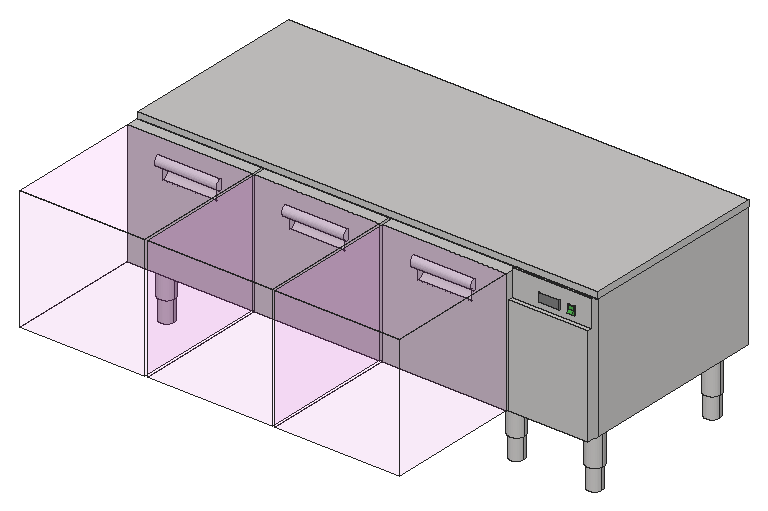
Revit family "QF_ZANUSSI_372292_Z7TTAECOMKN", category Specialty Equipment, Revit 2018
Family settings
  Round Connector Dimension = Use Diameter
  Part Type = Normal
  Work Plane-Based = No
  Always vertical = Yes
  Cut with Voids When Loaded = No
  Shared = No
  Room Calculation Point = No
Parameters (values of type "Standard")
  Weight = 110.00 kg
  Watts = 0 W
  Volts = 220 V
  URL Manufacturer = "http://www.zanussiprofessional.com"
  URL = "http://www.zanussiprofessional.com"
  Steam Supply Size = 0 mm
  Steam Supply Minimum Pressure = 0.0 Pa
  Steam Supply Maximum Pressure = 0.0 Pa
  Steam Pounds per Hour = 0
  Show Clearance [instance] = yes
  Refrigeration Suction Line Size = 0 mm
  Refrigeration Liquid Line Size = 0 mm
  Refrigerant Compressor Remote = yes
  Manufacturer = "Zanussi"
  Phase = 1
  Model = "Z7TTAECOMKN"
  Length Actual = 1600 mm  # constant formula
  Item Number = "372292"
  Hot Water Size = 0 mm
  Height Actual = 600 mm  # constant formula
  HP = "0.5 HP"
  Gas Size = 0 mm
  Gas KW = 0
  Gas Input Pressure = 0 W
  Direct Waste Size = 12.7 mm
  Description = "REFRIGERATED BASE WITH 3 DRAWERS 1600MM - R290"
  Depth Actual = 700 mm  # constant formula
  Cycle = 50 Hz
  Condensate Return Size = 0 mm
  Compressed Air Volume = 0.0 L/s
  Compressed Air Size = 0 mm
  Compressed Air Pressure = 0.0 Pa
  Cold Water Size = 0 mm
  Accessory = yes
Reference planes
  plane 1 "Center X": y = -65.55
  plane 2: z = 0
  plane 3 "Centro (Sinistra/Destra)": x = -200
  plane 4: y = -315.05
  plane 5: y = 194.95
  plane 6 "BACK": y = 282.95
  plane 7 "FRONT": y = -414.05
  plane 8: y = -881.83
  plane 9: x = -944
  plane 10: x = 544
  plane 11: y = -369.551
  plane 12: z = 200
  plane 13 "TOP": z = 630
  plane 14 "LEFT": x = -1000
  plane 15 "RIGHT": x = 600
  plane 16: x = 272
Forms (mm)
  Extrusion 1, solid, material "QF_Finishes_Stainless Steel"
    sketch origin (-1022.223, -1524, 200) x (-1, 0, 0) y (0, -1, 0)
      loop
        line (-23.223, -1806.95) -> (-23.223, -1154.449) -> (-1621.223, -1154.449) -> (-1621.223, -1806.95) -> (-23.223, -1806.95)
    from 0 to 430
  Extrusion 2, solid, material "QF_Finishes_Stainless Steel"
    sketch origin (-1022.223, -1524, 200) x (-1, 0, 0) y (0, -1, 0)
      loop
        circle (-1581.223, -1646.95) r 12
    from -10 to 0
  Extrusion 3, solid, material "QF_Finishes_Stainless Steel"
    sketch origin (-599, 0, -5) x (0, 1, 0) y (0, 0, 1)
      loop
        line (-369.551, 635) -> (282.95, 635) -> (282.95, 655) -> (-369.551, 655) -> (-369.551, 635)
    from 1198 to -400
  Extrusion 4, solid, material "QF_Finishes_Stainless Steel"
    sketch origin (599, 0, 0) x (0, 1, 0) y (0, 0, 1)
      loop
        line (-369.551, 629.527) -> (-386.314, 640.994) -> (-397.65, 640.994) -> (-397.65, 549.796) -> (-414.05, 549.796) -> (-414.05, 204.796) -> (-384.714, 204.796) -> (-374.993, 200) -> (-369.551, 200) -> (-369.551, 629.527)
    from 0 to -275
  Extrusion 5, solid, material "QF_Finishes_Black"
    sketch origin (605.8, -397.65, 630.994) x (0, 0, -1) y (1, 0, 0)
      loop
        line (32.198, -86.899) -> (61.199, -86.899) -> (61.199, -64.9) -> (32.198, -64.9) -> (32.198, -86.899)
    from 0 to 1.6
  Extrusion 6, solid, material "QF_Finishes_Grey"
    sketch origin (627, -397.65, 630.994) x (0, 0, -1) y (1, 0, 0)
      loop
        line (32.198, -210.099) -> (61.199, -210.099) -> (61.199, -140.099) -> (32.198, -140.099) -> (32.198, -210.099)
    from 0 to 1.6
  Extrusion 7, solid, material "QF_Finishes_Green"
    sketch origin (540.9, -397.65, 598.796) x (0, 0, -1) y (0, 1, 0)
      loop
        line (2.279, -3.281) -> (14.5, -3.281) -> (25.308, -8.985)
        arc (25.308, -8.985) -> (26.537, -5.394) -> (26.605, -1.6) r 12.221
        line (26.605, -1.6) -> (2.395, -1.6)
        arc (2.395, -1.6) -> (2.308, -2.439) -> (2.279, -3.281) r 12.221
    from -20 to -2
  Extrusion 8, solid, material "QF_Finishes_Handrails and Railings"
    sketch origin (-356.028, -157.946, 1924.198) x (0, 0.885087, 0.465426) y (0, -0.465426, 0.885087)
      loop
        arc (-854.629, -1074.965) -> (-878.641, -1082.427) -> (-871.18, -1106.439) r 17.78
        line (-871.18, -1106.439) -> (-854.629, -1074.965)
    from -93.472 to 121.528
  Extrusion 9, solid, material "QF_Finishes_Stainless Steel"
    sketch origin (-556.053, 285.95, 14.715) x (0, 1, 0) y (0, 0, 1)
      loop
        line (-700, 486.991) -> (-660.001, 486.991) -> (-660.001, 530.285) -> (-678.147, 530.285) -> (-678.147, 511.464)
        arc (-678.147, 511.464) -> (-684.405, 495.059) -> (-700, 486.991) r 24.63
    from 118.753 to 309.354
  Extrusion 10, solid, material "QF_Finishes_Handrails and Railings"
    sketch origin (85.972, -157.946, 1924.198) x (0, 0.885087, 0.465426) y (0, -0.465426, 0.885087)
      loop
        arc (-854.629, -1074.965) -> (-878.641, -1082.427) -> (-871.18, -1106.439) r 17.78
        line (-871.18, -1106.439) -> (-854.629, -1074.965)
    from -89.472 to 121.528
  Extrusion 11, solid, material "QF_Finishes_Stainless Steel"
    sketch origin (-114.053, 285.95, 14.715) x (0, 1, 0) y (0, 0, 1)
      loop
        line (-700, 486.991) -> (-660.001, 486.991) -> (-660.001, 530.285) -> (-678.147, 530.285) -> (-678.147, 511.464)
        arc (-678.147, 511.464) -> (-684.405, 495.059) -> (-700, 486.991) r 24.63
    from 122.753 to 309.354
  Extrusion 12, solid, material "QF_Door-Drawer Clearances", visible <- "Show Clearance"
    sketch origin (238, -414.05, 0) x (1, 0, 0) y (0, 0, 1)
      loop
        line (-795, 629.2) -> (-795, 201.587) -> (-360.999, 201.587) -> (-360.999, 629.2) -> (-795, 629.2)
      loop
        line (-353, 629.2) -> (-353, 201.587) -> (81, 201.587) -> (81, 629.2) -> (-353, 629.2)
      loop
        line (-1237, 629.2) -> (-1237, 201.587) -> (-802.999, 201.587) -> (-802.999, 629.2) -> (-1237, 629.2)
    from 0 to 467.78
  Extrusion 13, solid, material "QF_Finishes_Stainless Steel"
    sketch origin (38, -414.05, 0) x (-1, 0, 0) y (0, 0, 1)
      loop
        line (595, 629.2) -> (160.999, 629.2) -> (160.999, 201.587) -> (595, 201.587) -> (595, 629.2)
      loop
        line (153, 629.2) -> (-281, 629.2) -> (-281, 201.587) -> (153, 201.587) -> (153, 629.2)
      loop
        line (475.3, 501.706) -> (475.3, 545) -> (284.699, 545) -> (284.699, 501.706) -> (475.3, 501.706)
      loop
        line (29.3, 501.706) -> (29.3, 545) -> (-157.301, 545) -> (-157.301, 501.706) -> (29.3, 501.706)
      loop
        line (1037, 629.2) -> (602.999, 629.2) -> (602.999, 201.587) -> (1037, 201.587) -> (1037, 629.2)
      loop
        line (917.3, 501.706) -> (917.3, 545) -> (726.699, 545) -> (726.699, 501.706) -> (917.3, 501.706)
    from 0 to 40
  Extrusion 14, solid, material "QF_Finishes_Handrails and Railings"
    sketch origin (-798.028, -157.946, 1924.198) x (0, 0.885087, 0.465426) y (0, -0.465426, 0.885087)
      loop
        arc (-854.629, -1074.965) -> (-878.641, -1082.427) -> (-871.18, -1106.439) r 17.78
        line (-871.18, -1106.439) -> (-854.629, -1074.965)
    from -93.472 to 121.528
  Extrusion 15, solid, material "QF_Finishes_Stainless Steel"
    sketch origin (-998.053, 285.95, 14.715) x (0, 1, 0) y (0, 0, 1)
      loop
        line (-700, 486.991) -> (-660.001, 486.991) -> (-660.001, 530.285) -> (-678.147, 530.285) -> (-678.147, 511.464)
        arc (-678.147, 511.464) -> (-684.405, 495.059) -> (-700, 486.991) r 24.63
    from 118.753 to 309.354
Lines and regions (mm)
  Split face 1
    outline origin (627, -399.25, 630.994) x (0, 0, -1) y (1, 0, 0)
      loop
        line (37.198, -200.099) -> (52.198, -200.099) -> (52.198, -150.099) -> (37.198, -150.099) -> (37.198, -200.099)
  Split face 2
    outline origin (627, -399.25, 630.994) x (0, 0, -1) y (1, 0, 0)
      loop
        line (59.151, -200.099) -> (59.151, -189.099) -> (54.151, -189.099) -> (54.151, -200.099) -> (59.151, -200.099)
  Split face 3
    outline origin (627, -399.25, 630.994) x (0, 0, -1) y (1, 0, 0)
      loop
        line (54.151, -187.099) -> (59.151, -187.099) -> (59.151, -176.099) -> (54.151, -176.099) -> (54.151, -187.099)
  Split face 4
    outline origin (640, -399.25, 630.994) x (0, 0, -1) y (1, 0, 0)
      loop
        line (54.151, -187.099) -> (59.151, -187.099) -> (59.151, -176.099) -> (54.151, -176.099) -> (54.151, -187.099)
  Split face 5
    outline origin (653, -399.25, 630.994) x (0, 0, -1) y (1, 0, 0)
      loop
        line (54.151, -187.099) -> (59.151, -187.099) -> (59.151, -176.099) -> (54.151, -176.099) -> (54.151, -187.099)
  Split face 6
    outline origin (304.5, -414.05, 713.499) x (1, 0, 0) y (0, 0, 1)
      loop
        arc (90.48, -282.599) -> (94.5, -278.61) -> (90.5, -274.599) r 4
        line (90.5, -274.599) -> (58.5, -274.599)
        arc (58.5, -274.599) -> (54.5, -278.61) -> (58.521, -282.599) r 4
        line (58.521, -282.599) -> (90.48, -282.599)
  Split face 7
    outline origin (304.5, -414.05, 725.499) x (1, 0, 0) y (0, 0, 1)
      loop
        arc (90.48, -282.599) -> (94.5, -278.61) -> (90.5, -274.599) r 4
        line (90.5, -274.599) -> (58.5, -274.599)
        arc (58.5, -274.599) -> (54.5, -278.61) -> (58.521, -282.599) r 4
        line (58.521, -282.599) -> (90.48, -282.599)
  Split face 8
    outline origin (304.5, -414.05, 737.499) x (1, 0, 0) y (0, 0, 1)
      loop
        arc (90.48, -282.599) -> (94.5, -278.61) -> (90.5, -274.599) r 4
        line (90.5, -274.599) -> (58.5, -274.599)
        arc (58.5, -274.599) -> (54.5, -278.61) -> (58.521, -282.599) r 4
        line (58.521, -282.599) -> (90.48, -282.599)
  Split face 9
    outline origin (304.5, -414.05, 749.396) x (1, 0, 0) y (0, 0, 1)
      loop
        arc (90.48, -282.599) -> (94.5, -278.61) -> (90.5, -274.599) r 4
        line (90.5, -274.599) -> (58.5, -274.599)
        arc (58.5, -274.599) -> (54.5, -278.61) -> (58.521, -282.599) r 4
        line (58.521, -282.599) -> (90.48, -282.599)
  Split face 10
    outline origin (304.5, -414.05, 761.395) x (1, 0, 0) y (0, 0, 1)
      loop
        arc (90.48, -282.599) -> (94.5, -278.61) -> (90.5, -274.599) r 4
        line (90.5, -274.599) -> (58.5, -274.599)
        arc (58.5, -274.599) -> (54.5, -278.61) -> (58.521, -282.599) r 4
        line (58.521, -282.599) -> (90.48, -282.599)
  Split face 11
    outline origin (304.5, -414.05, 773.395) x (1, 0, 0) y (0, 0, 1)
      loop
        arc (90.48, -282.599) -> (94.5, -278.61) -> (90.5, -274.599) r 4
        line (90.5, -274.599) -> (58.5, -274.599)
        arc (58.5, -274.599) -> (54.5, -278.61) -> (58.521, -282.599) r 4
        line (58.521, -282.599) -> (90.48, -282.599)
  Split face 12
    outline origin (304.5, -414.05, 785.395) x (1, 0, 0) y (0, 0, 1)
      loop
        arc (90.48, -282.599) -> (94.5, -278.61) -> (90.5, -274.599) r 4
        line (90.5, -274.599) -> (58.5, -274.599)
        arc (58.5, -274.599) -> (54.5, -278.61) -> (58.521, -282.599) r 4
        line (58.521, -282.599) -> (90.48, -282.599)
  Split face 13
    outline origin (304.5, -414.05, 797.395) x (1, 0, 0) y (0, 0, 1)
      loop
        arc (90.48, -282.599) -> (94.5, -278.61) -> (90.5, -274.599) r 4
        line (90.5, -274.599) -> (58.5, -274.599)
        arc (58.5, -274.599) -> (54.5, -278.61) -> (58.521, -282.599) r 4
        line (58.521, -282.599) -> (90.48, -282.599)
  Split face 14
    outline origin (304.5, -414.05, 809.395) x (1, 0, 0) y (0, 0, 1)
      loop
        arc (90.48, -282.599) -> (94.5, -278.61) -> (90.5, -274.599) r 4
        line (90.5, -274.599) -> (58.5, -274.599)
        arc (58.5, -274.599) -> (54.5, -278.61) -> (58.521, -282.599) r 4
        line (58.521, -282.599) -> (90.48, -282.599)
  Split face 15
    outline origin (304.5, -414.05, 701.499) x (1, 0, 0) y (0, 0, 1)
      loop
        arc (90.48, -282.599) -> (94.5, -278.61) -> (90.5, -274.599) r 4
        line (90.5, -274.599) -> (58.5, -274.599)
        arc (58.5, -274.599) -> (54.5, -278.61) -> (58.521, -282.599) r 4
        line (58.521, -282.599) -> (90.48, -282.599)
  Split face 16
    outline origin (304.5, -414.05, 605.603) x (1, 0, 0) y (0, 0, 1)
      loop
        arc (90.48, -282.599) -> (94.5, -278.61) -> (90.5, -274.599) r 4
        line (90.5, -274.599) -> (58.5, -274.599)
        arc (58.5, -274.599) -> (54.5, -278.61) -> (58.521, -282.599) r 4
        line (58.521, -282.599) -> (90.48, -282.599)
  Split face 17
    outline origin (304.5, -414.05, 617.603) x (1, 0, 0) y (0, 0, 1)
      loop
        arc (90.48, -282.599) -> (94.5, -278.61) -> (90.5, -274.599) r 4
        line (90.5, -274.599) -> (58.5, -274.599)
        arc (58.5, -274.599) -> (54.5, -278.61) -> (58.521, -282.599) r 4
        line (58.521, -282.599) -> (90.48, -282.599)
  Split face 18
    outline origin (304.5, -414.05, 629.602) x (1, 0, 0) y (0, 0, 1)
      loop
        arc (90.48, -282.599) -> (94.5, -278.61) -> (90.5, -274.599) r 4
        line (90.5, -274.599) -> (58.5, -274.599)
        arc (58.5, -274.599) -> (54.5, -278.61) -> (58.521, -282.599) r 4
        line (58.521, -282.599) -> (90.48, -282.599)
  Split face 19
    outline origin (304.5, -414.05, 677.499) x (1, 0, 0) y (0, 0, 1)
      loop
        arc (90.48, -282.599) -> (94.5, -278.61) -> (90.5, -274.599) r 4
        line (90.5, -274.599) -> (58.5, -274.599)
        arc (58.5, -274.599) -> (54.5, -278.61) -> (58.521, -282.599) r 4
        line (58.521, -282.599) -> (90.48, -282.599)
  Split face 20
    outline origin (304.5, -414.05, 689.499) x (1, 0, 0) y (0, 0, 1)
      loop
        arc (90.48, -282.599) -> (94.5, -278.61) -> (90.5, -274.599) r 4
        line (90.5, -274.599) -> (58.5, -274.599)
        arc (58.5, -274.599) -> (54.5, -278.61) -> (58.521, -282.599) r 4
        line (58.521, -282.599) -> (90.48, -282.599)
  Split face 21
    outline origin (304.5, -414.05, 593.603) x (1, 0, 0) y (0, 0, 1)
      loop
        arc (90.48, -282.599) -> (94.5, -278.61) -> (90.5, -274.599) r 4
        line (90.5, -274.599) -> (58.5, -274.599)
        arc (58.5, -274.599) -> (54.5, -278.61) -> (58.521, -282.599) r 4
        line (58.521, -282.599) -> (90.48, -282.599)
  Split face 22
    outline origin (304.5, -414.05, 497.707) x (1, 0, 0) y (0, 0, 1)
      loop
        arc (90.48, -282.599) -> (94.5, -278.61) -> (90.5, -274.599) r 4
        line (90.5, -274.599) -> (58.5, -274.599)
        arc (58.5, -274.599) -> (54.5, -278.61) -> (58.521, -282.599) r 4
        line (58.521, -282.599) -> (90.48, -282.599)
  Split face 23
    outline origin (304.5, -414.05, 509.707) x (1, 0, 0) y (0, 0, 1)
      loop
        arc (90.48, -282.599) -> (94.5, -278.61) -> (90.5, -274.599) r 4
        line (90.5, -274.599) -> (58.5, -274.599)
        arc (58.5, -274.599) -> (54.5, -278.61) -> (58.521, -282.599) r 4
        line (58.521, -282.599) -> (90.48, -282.599)
  Split face 24
    outline origin (304.5, -414.05, 521.706) x (1, 0, 0) y (0, 0, 1)
      loop
        arc (90.48, -282.599) -> (94.5, -278.61) -> (90.5, -274.599) r 4
        line (90.5, -274.599) -> (58.5, -274.599)
        arc (58.5, -274.599) -> (54.5, -278.61) -> (58.521, -282.599) r 4
        line (58.521, -282.599) -> (90.48, -282.599)
  Split face 25
    outline origin (304.5, -414.05, 533.604) x (1, 0, 0) y (0, 0, 1)
      loop
        arc (90.48, -282.599) -> (94.5, -278.61) -> (90.5, -274.599) r 4
        line (90.5, -274.599) -> (58.5, -274.599)
        arc (58.5, -274.599) -> (54.5, -278.61) -> (58.521, -282.599) r 4
        line (58.521, -282.599) -> (90.48, -282.599)
  Split face 26
    outline origin (304.5, -414.05, 545.603) x (1, 0, 0) y (0, 0, 1)
      loop
        arc (90.48, -282.599) -> (94.5, -278.61) -> (90.5, -274.599) r 4
        line (90.5, -274.599) -> (58.5, -274.599)
        arc (58.5, -274.599) -> (54.5, -278.61) -> (58.521, -282.599) r 4
        line (58.521, -282.599) -> (90.48, -282.599)
  Split face 27
    outline origin (304.5, -414.05, 557.603) x (1, 0, 0) y (0, 0, 1)
      loop
        arc (90.48, -282.599) -> (94.5, -278.61) -> (90.5, -274.599) r 4
        line (90.5, -274.599) -> (58.5, -274.599)
        arc (58.5, -274.599) -> (54.5, -278.61) -> (58.521, -282.599) r 4
        line (58.521, -282.599) -> (90.48, -282.599)
  Split face 28
    outline origin (304.5, -414.05, 569.603) x (1, 0, 0) y (0, 0, 1)
      loop
        arc (90.48, -282.599) -> (94.5, -278.61) -> (90.5, -274.599) r 4
        line (90.5, -274.599) -> (58.5, -274.599)
        arc (58.5, -274.599) -> (54.5, -278.61) -> (58.521, -282.599) r 4
        line (58.521, -282.599) -> (90.48, -282.599)
  Split face 29
    outline origin (304.5, -414.05, 581.603) x (1, 0, 0) y (0, 0, 1)
      loop
        arc (90.48, -282.599) -> (94.5, -278.61) -> (90.5, -274.599) r 4
        line (90.5, -274.599) -> (58.5, -274.599)
        arc (58.5, -274.599) -> (54.5, -278.61) -> (58.521, -282.599) r 4
        line (58.521, -282.599) -> (90.48, -282.599)
  Split face 30
    outline origin (359.5, -414.05, 713.499) x (1, 0, 0) y (0, 0, 1)
      loop
        arc (90.48, -282.599) -> (94.5, -278.61) -> (90.5, -274.599) r 4
        line (90.5, -274.599) -> (58.5, -274.599)
        arc (58.5, -274.599) -> (54.5, -278.61) -> (58.521, -282.599) r 4
        line (58.521, -282.599) -> (90.48, -282.599)
  Split face 31
    outline origin (359.5, -414.05, 725.499) x (1, 0, 0) y (0, 0, 1)
      loop
        arc (90.48, -282.599) -> (94.5, -278.61) -> (90.5, -274.599) r 4
        line (90.5, -274.599) -> (58.5, -274.599)
        arc (58.5, -274.599) -> (54.5, -278.61) -> (58.521, -282.599) r 4
        line (58.521, -282.599) -> (90.48, -282.599)
  Split face 32
    outline origin (359.5, -414.05, 737.499) x (1, 0, 0) y (0, 0, 1)
      loop
        arc (90.48, -282.599) -> (94.5, -278.61) -> (90.5, -274.599) r 4
        line (90.5, -274.599) -> (58.5, -274.599)
        arc (58.5, -274.599) -> (54.5, -278.61) -> (58.521, -282.599) r 4
        line (58.521, -282.599) -> (90.48, -282.599)
  Split face 33
    outline origin (359.5, -414.05, 749.396) x (1, 0, 0) y (0, 0, 1)
      loop
        arc (90.48, -282.599) -> (94.5, -278.61) -> (90.5, -274.599) r 4
        line (90.5, -274.599) -> (58.5, -274.599)
        arc (58.5, -274.599) -> (54.5, -278.61) -> (58.521, -282.599) r 4
        line (58.521, -282.599) -> (90.48, -282.599)
  Split face 34
    outline origin (359.5, -414.05, 761.395) x (1, 0, 0) y (0, 0, 1)
      loop
        arc (90.48, -282.599) -> (94.5, -278.61) -> (90.5, -274.599) r 4
        line (90.5, -274.599) -> (58.5, -274.599)
        arc (58.5, -274.599) -> (54.5, -278.61) -> (58.521, -282.599) r 4
        line (58.521, -282.599) -> (90.48, -282.599)
  Split face 35
    outline origin (359.5, -414.05, 773.395) x (1, 0, 0) y (0, 0, 1)
      loop
        arc (90.48, -282.599) -> (94.5, -278.61) -> (90.5, -274.599) r 4
        line (90.5, -274.599) -> (58.5, -274.599)
        arc (58.5, -274.599) -> (54.5, -278.61) -> (58.521, -282.599) r 4
        line (58.521, -282.599) -> (90.48, -282.599)
  Split face 36
    outline origin (359.5, -414.05, 785.395) x (1, 0, 0) y (0, 0, 1)
      loop
        arc (90.48, -282.599) -> (94.5, -278.61) -> (90.5, -274.599) r 4
        line (90.5, -274.599) -> (58.5, -274.599)
        arc (58.5, -274.599) -> (54.5, -278.61) -> (58.521, -282.599) r 4
        line (58.521, -282.599) -> (90.48, -282.599)
  Split face 37
    outline origin (359.5, -414.05, 797.395) x (1, 0, 0) y (0, 0, 1)
      loop
        arc (90.48, -282.599) -> (94.5, -278.61) -> (90.5, -274.599) r 4
        line (90.5, -274.599) -> (58.5, -274.599)
        arc (58.5, -274.599) -> (54.5, -278.61) -> (58.521, -282.599) r 4
        line (58.521, -282.599) -> (90.48, -282.599)
  Split face 38
    outline origin (359.5, -414.05, 809.395) x (1, 0, 0) y (0, 0, 1)
      loop
        arc (90.48, -282.599) -> (94.5, -278.61) -> (90.5, -274.599) r 4
        line (90.5, -274.599) -> (58.5, -274.599)
        arc (58.5, -274.599) -> (54.5, -278.61) -> (58.521, -282.599) r 4
        line (58.521, -282.599) -> (90.48, -282.599)
  Split face 39
    outline origin (359.5, -414.05, 701.499) x (1, 0, 0) y (0, 0, 1)
      loop
        arc (90.48, -282.599) -> (94.5, -278.61) -> (90.5, -274.599) r 4
        line (90.5, -274.599) -> (58.5, -274.599)
        arc (58.5, -274.599) -> (54.5, -278.61) -> (58.521, -282.599) r 4
        line (58.521, -282.599) -> (90.48, -282.599)
  Split face 40
    outline origin (359.5, -414.05, 605.603) x (1, 0, 0) y (0, 0, 1)
      loop
        arc (90.48, -282.599) -> (94.5, -278.61) -> (90.5, -274.599) r 4
        line (90.5, -274.599) -> (58.5, -274.599)
        arc (58.5, -274.599) -> (54.5, -278.61) -> (58.521, -282.599) r 4
        line (58.521, -282.599) -> (90.48, -282.599)
  Split face 41
    outline origin (359.5, -414.05, 617.603) x (1, 0, 0) y (0, 0, 1)
      loop
        arc (90.48, -282.599) -> (94.5, -278.61) -> (90.5, -274.599) r 4
        line (90.5, -274.599) -> (58.5, -274.599)
        arc (58.5, -274.599) -> (54.5, -278.61) -> (58.521, -282.599) r 4
        line (58.521, -282.599) -> (90.48, -282.599)
  Split face 42
    outline origin (359.5, -414.05, 629.602) x (1, 0, 0) y (0, 0, 1)
      loop
        arc (90.48, -282.599) -> (94.5, -278.61) -> (90.5, -274.599) r 4
        line (90.5, -274.599) -> (58.5, -274.599)
        arc (58.5, -274.599) -> (54.5, -278.61) -> (58.521, -282.599) r 4
        line (58.521, -282.599) -> (90.48, -282.599)
  Split face 43
    outline origin (359.5, -414.05, 677.499) x (1, 0, 0) y (0, 0, 1)
      loop
        arc (90.48, -282.599) -> (94.5, -278.61) -> (90.5, -274.599) r 4
        line (90.5, -274.599) -> (58.5, -274.599)
        arc (58.5, -274.599) -> (54.5, -278.61) -> (58.521, -282.599) r 4
        line (58.521, -282.599) -> (90.48, -282.599)
  Split face 44
    outline origin (359.5, -414.05, 689.499) x (1, 0, 0) y (0, 0, 1)
      loop
        arc (90.48, -282.599) -> (94.5, -278.61) -> (90.5, -274.599) r 4
        line (90.5, -274.599) -> (58.5, -274.599)
        arc (58.5, -274.599) -> (54.5, -278.61) -> (58.521, -282.599) r 4
        line (58.521, -282.599) -> (90.48, -282.599)
  Split face 45
    outline origin (359.5, -414.05, 593.603) x (1, 0, 0) y (0, 0, 1)
      loop
        arc (90.48, -282.599) -> (94.5, -278.61) -> (90.5, -274.599) r 4
        line (90.5, -274.599) -> (58.5, -274.599)
        arc (58.5, -274.599) -> (54.5, -278.61) -> (58.521, -282.599) r 4
        line (58.521, -282.599) -> (90.48, -282.599)
  Split face 46
    outline origin (359.5, -414.05, 497.707) x (1, 0, 0) y (0, 0, 1)
      loop
        arc (90.48, -282.599) -> (94.5, -278.61) -> (90.5, -274.599) r 4
        line (90.5, -274.599) -> (58.5, -274.599)
        arc (58.5, -274.599) -> (54.5, -278.61) -> (58.521, -282.599) r 4
        line (58.521, -282.599) -> (90.48, -282.599)
  Split face 47
    outline origin (359.5, -414.05, 509.707) x (1, 0, 0) y (0, 0, 1)
      loop
        arc (90.48, -282.599) -> (94.5, -278.61) -> (90.5, -274.599) r 4
        line (90.5, -274.599) -> (58.5, -274.599)
        arc (58.5, -274.599) -> (54.5, -278.61) -> (58.521, -282.599) r 4
        line (58.521, -282.599) -> (90.48, -282.599)
  Split face 48
    outline origin (359.5, -414.05, 521.706) x (1, 0, 0) y (0, 0, 1)
      loop
        arc (90.48, -282.599) -> (94.5, -278.61) -> (90.5, -274.599) r 4
        line (90.5, -274.599) -> (58.5, -274.599)
        arc (58.5, -274.599) -> (54.5, -278.61) -> (58.521, -282.599) r 4
        line (58.521, -282.599) -> (90.48, -282.599)
  Split face 49
    outline origin (359.5, -414.05, 533.604) x (1, 0, 0) y (0, 0, 1)
      loop
        arc (90.48, -282.599) -> (94.5, -278.61) -> (90.5, -274.599) r 4
        line (90.5, -274.599) -> (58.5, -274.599)
        arc (58.5, -274.599) -> (54.5, -278.61) -> (58.521, -282.599) r 4
        line (58.521, -282.599) -> (90.48, -282.599)
  Split face 50
    outline origin (359.5, -414.05, 545.603) x (1, 0, 0) y (0, 0, 1)
      loop
        arc (90.48, -282.599) -> (94.5, -278.61) -> (90.5, -274.599) r 4
        line (90.5, -274.599) -> (58.5, -274.599)
        arc (58.5, -274.599) -> (54.5, -278.61) -> (58.521, -282.599) r 4
        line (58.521, -282.599) -> (90.48, -282.599)
  Split face 51
    outline origin (359.5, -414.05, 557.603) x (1, 0, 0) y (0, 0, 1)
      loop
        arc (90.48, -282.599) -> (94.5, -278.61) -> (90.5, -274.599) r 4
        line (90.5, -274.599) -> (58.5, -274.599)
        arc (58.5, -274.599) -> (54.5, -278.61) -> (58.521, -282.599) r 4
        line (58.521, -282.599) -> (90.48, -282.599)
  Split face 52
    outline origin (359.5, -414.05, 569.603) x (1, 0, 0) y (0, 0, 1)
      loop
        arc (90.48, -282.599) -> (94.5, -278.61) -> (90.5, -274.599) r 4
        line (90.5, -274.599) -> (58.5, -274.599)
        arc (58.5, -274.599) -> (54.5, -278.61) -> (58.521, -282.599) r 4
        line (58.521, -282.599) -> (90.48, -282.599)
  Split face 53
    outline origin (359.5, -414.05, 581.603) x (1, 0, 0) y (0, 0, 1)
      loop
        arc (90.48, -282.599) -> (94.5, -278.61) -> (90.5, -274.599) r 4
        line (90.5, -274.599) -> (58.5, -274.599)
        arc (58.5, -274.599) -> (54.5, -278.61) -> (58.521, -282.599) r 4
        line (58.521, -282.599) -> (90.48, -282.599)
  Split face 54
    outline origin (414.5, -414.05, 713.499) x (1, 0, 0) y (0, 0, 1)
      loop
        arc (90.48, -282.599) -> (94.5, -278.61) -> (90.5, -274.599) r 4
        line (90.5, -274.599) -> (58.5, -274.599)
        arc (58.5, -274.599) -> (54.5, -278.61) -> (58.521, -282.599) r 4
        line (58.521, -282.599) -> (90.48, -282.599)
  Split face 55
    outline origin (414.5, -414.05, 725.499) x (1, 0, 0) y (0, 0, 1)
      loop
        arc (90.48, -282.599) -> (94.5, -278.61) -> (90.5, -274.599) r 4
        line (90.5, -274.599) -> (58.5, -274.599)
        arc (58.5, -274.599) -> (54.5, -278.61) -> (58.521, -282.599) r 4
        line (58.521, -282.599) -> (90.48, -282.599)
  Split face 56
    outline origin (414.5, -414.05, 737.499) x (1, 0, 0) y (0, 0, 1)
      loop
        arc (90.48, -282.599) -> (94.5, -278.61) -> (90.5, -274.599) r 4
        line (90.5, -274.599) -> (58.5, -274.599)
        arc (58.5, -274.599) -> (54.5, -278.61) -> (58.521, -282.599) r 4
        line (58.521, -282.599) -> (90.48, -282.599)
  Split face 57
    outline origin (414.5, -414.05, 749.396) x (1, 0, 0) y (0, 0, 1)
      loop
        arc (90.48, -282.599) -> (94.5, -278.61) -> (90.5, -274.599) r 4
        line (90.5, -274.599) -> (58.5, -274.599)
        arc (58.5, -274.599) -> (54.5, -278.61) -> (58.521, -282.599) r 4
        line (58.521, -282.599) -> (90.48, -282.599)
  Split face 58
    outline origin (414.5, -414.05, 761.395) x (1, 0, 0) y (0, 0, 1)
      loop
        arc (90.48, -282.599) -> (94.5, -278.61) -> (90.5, -274.599) r 4
        line (90.5, -274.599) -> (58.5, -274.599)
        arc (58.5, -274.599) -> (54.5, -278.61) -> (58.521, -282.599) r 4
        line (58.521, -282.599) -> (90.48, -282.599)
  Split face 59
    outline origin (414.5, -414.05, 773.395) x (1, 0, 0) y (0, 0, 1)
      loop
        arc (90.48, -282.599) -> (94.5, -278.61) -> (90.5, -274.599) r 4
        line (90.5, -274.599) -> (58.5, -274.599)
        arc (58.5, -274.599) -> (54.5, -278.61) -> (58.521, -282.599) r 4
        line (58.521, -282.599) -> (90.48, -282.599)
  Split face 60
    outline origin (414.5, -414.05, 785.395) x (1, 0, 0) y (0, 0, 1)
      loop
        arc (90.48, -282.599) -> (94.5, -278.61) -> (90.5, -274.599) r 4
        line (90.5, -274.599) -> (58.5, -274.599)
        arc (58.5, -274.599) -> (54.5, -278.61) -> (58.521, -282.599) r 4
        line (58.521, -282.599) -> (90.48, -282.599)
  Split face 61
    outline origin (414.5, -414.05, 797.395) x (1, 0, 0) y (0, 0, 1)
      loop
        arc (90.48, -282.599) -> (94.5, -278.61) -> (90.5, -274.599) r 4
        line (90.5, -274.599) -> (58.5, -274.599)
        arc (58.5, -274.599) -> (54.5, -278.61) -> (58.521, -282.599) r 4
        line (58.521, -282.599) -> (90.48, -282.599)
  Split face 62
    outline origin (414.5, -414.05, 809.395) x (1, 0, 0) y (0, 0, 1)
      loop
        arc (90.48, -282.599) -> (94.5, -278.61) -> (90.5, -274.599) r 4
        line (90.5, -274.599) -> (58.5, -274.599)
        arc (58.5, -274.599) -> (54.5, -278.61) -> (58.521, -282.599) r 4
        line (58.521, -282.599) -> (90.48, -282.599)
  Split face 63
    outline origin (414.5, -414.05, 701.499) x (1, 0, 0) y (0, 0, 1)
      loop
        arc (90.48, -282.599) -> (94.5, -278.61) -> (90.5, -274.599) r 4
        line (90.5, -274.599) -> (58.5, -274.599)
        arc (58.5, -274.599) -> (54.5, -278.61) -> (58.521, -282.599) r 4
        line (58.521, -282.599) -> (90.48, -282.599)
  Split face 64
    outline origin (414.5, -414.05, 605.603) x (1, 0, 0) y (0, 0, 1)
      loop
        arc (90.48, -282.599) -> (94.5, -278.61) -> (90.5, -274.599) r 4
        line (90.5, -274.599) -> (58.5, -274.599)
        arc (58.5, -274.599) -> (54.5, -278.61) -> (58.521, -282.599) r 4
        line (58.521, -282.599) -> (90.48, -282.599)
  Split face 65
    outline origin (414.5, -414.05, 617.603) x (1, 0, 0) y (0, 0, 1)
      loop
        arc (90.48, -282.599) -> (94.5, -278.61) -> (90.5, -274.599) r 4
        line (90.5, -274.599) -> (58.5, -274.599)
        arc (58.5, -274.599) -> (54.5, -278.61) -> (58.521, -282.599) r 4
        line (58.521, -282.599) -> (90.48, -282.599)
  Split face 66
    outline origin (414.5, -414.05, 629.602) x (1, 0, 0) y (0, 0, 1)
      loop
        arc (90.48, -282.599) -> (94.5, -278.61) -> (90.5, -274.599) r 4
        line (90.5, -274.599) -> (58.5, -274.599)
        arc (58.5, -274.599) -> (54.5, -278.61) -> (58.521, -282.599) r 4
        line (58.521, -282.599) -> (90.48, -282.599)
  Split face 67
    outline origin (414.5, -414.05, 677.499) x (1, 0, 0) y (0, 0, 1)
      loop
        arc (90.48, -282.599) -> (94.5, -278.61) -> (90.5, -274.599) r 4
        line (90.5, -274.599) -> (58.5, -274.599)
        arc (58.5, -274.599) -> (54.5, -278.61) -> (58.521, -282.599) r 4
        line (58.521, -282.599) -> (90.48, -282.599)
  Split face 68
    outline origin (414.5, -414.05, 689.499) x (1, 0, 0) y (0, 0, 1)
      loop
        arc (90.48, -282.599) -> (94.5, -278.61) -> (90.5, -274.599) r 4
        line (90.5, -274.599) -> (58.5, -274.599)
        arc (58.5, -274.599) -> (54.5, -278.61) -> (58.521, -282.599) r 4
        line (58.521, -282.599) -> (90.48, -282.599)
  Split face 69
    outline origin (414.5, -414.05, 593.603) x (1, 0, 0) y (0, 0, 1)
      loop
        arc (90.48, -282.599) -> (94.5, -278.61) -> (90.5, -274.599) r 4
        line (90.5, -274.599) -> (58.5, -274.599)
        arc (58.5, -274.599) -> (54.5, -278.61) -> (58.521, -282.599) r 4
        line (58.521, -282.599) -> (90.48, -282.599)
  Split face 70
    outline origin (414.5, -414.05, 497.707) x (1, 0, 0) y (0, 0, 1)
      loop
        arc (90.48, -282.599) -> (94.5, -278.61) -> (90.5, -274.599) r 4
        line (90.5, -274.599) -> (58.5, -274.599)
        arc (58.5, -274.599) -> (54.5, -278.61) -> (58.521, -282.599) r 4
        line (58.521, -282.599) -> (90.48, -282.599)
  Split face 71
    outline origin (414.5, -414.05, 509.707) x (1, 0, 0) y (0, 0, 1)
      loop
        arc (90.48, -282.599) -> (94.5, -278.61) -> (90.5, -274.599) r 4
        line (90.5, -274.599) -> (58.5, -274.599)
        arc (58.5, -274.599) -> (54.5, -278.61) -> (58.521, -282.599) r 4
        line (58.521, -282.599) -> (90.48, -282.599)
  Split face 72
    outline origin (414.5, -414.05, 521.706) x (1, 0, 0) y (0, 0, 1)
      loop
        arc (90.48, -282.599) -> (94.5, -278.61) -> (90.5, -274.599) r 4
        line (90.5, -274.599) -> (58.5, -274.599)
        arc (58.5, -274.599) -> (54.5, -278.61) -> (58.521, -282.599) r 4
        line (58.521, -282.599) -> (90.48, -282.599)
  Split face 73
    outline origin (414.5, -414.05, 533.604) x (1, 0, 0) y (0, 0, 1)
      loop
        arc (90.48, -282.599) -> (94.5, -278.61) -> (90.5, -274.599) r 4
        line (90.5, -274.599) -> (58.5, -274.599)
        arc (58.5, -274.599) -> (54.5, -278.61) -> (58.521, -282.599) r 4
        line (58.521, -282.599) -> (90.48, -282.599)
  Split face 74
    outline origin (414.5, -414.05, 545.603) x (1, 0, 0) y (0, 0, 1)
      loop
        arc (90.48, -282.599) -> (94.5, -278.61) -> (90.5, -274.599) r 4
        line (90.5, -274.599) -> (58.5, -274.599)
        arc (58.5, -274.599) -> (54.5, -278.61) -> (58.521, -282.599) r 4
        line (58.521, -282.599) -> (90.48, -282.599)
  Split face 75
    outline origin (414.5, -414.05, 557.603) x (1, 0, 0) y (0, 0, 1)
      loop
        arc (90.48, -282.599) -> (94.5, -278.61) -> (90.5, -274.599) r 4
        line (90.5, -274.599) -> (58.5, -274.599)
        arc (58.5, -274.599) -> (54.5, -278.61) -> (58.521, -282.599) r 4
        line (58.521, -282.599) -> (90.48, -282.599)
  Split face 76
    outline origin (414.5, -414.05, 569.603) x (1, 0, 0) y (0, 0, 1)
      loop
        arc (90.48, -282.599) -> (94.5, -278.61) -> (90.5, -274.599) r 4
        line (90.5, -274.599) -> (58.5, -274.599)
        arc (58.5, -274.599) -> (54.5, -278.61) -> (58.521, -282.599) r 4
        line (58.521, -282.599) -> (90.48, -282.599)
  Split face 77
    outline origin (414.5, -414.05, 581.603) x (1, 0, 0) y (0, 0, 1)
      loop
        arc (90.48, -282.599) -> (94.5, -278.61) -> (90.5, -274.599) r 4
        line (90.5, -274.599) -> (58.5, -274.599)
        arc (58.5, -274.599) -> (54.5, -278.61) -> (58.521, -282.599) r 4
        line (58.521, -282.599) -> (90.48, -282.599)
  Split face 78
    outline origin (507.5, -414.05, 713.499) x (1, 0, 0) y (0, 0, 1)
      loop
        arc (52.48, -282.599) -> (56.5, -278.61) -> (52.5, -274.599) r 4
        line (52.5, -274.599) -> (20.5, -274.599)
        arc (20.5, -274.599) -> (16.5, -278.61) -> (20.521, -282.599) r 4
        line (20.521, -282.599) -> (52.48, -282.599)
  Split face 79
    outline origin (507.5, -414.05, 725.499) x (1, 0, 0) y (0, 0, 1)
      loop
        arc (52.48, -282.599) -> (56.5, -278.61) -> (52.5, -274.599) r 4
        line (52.5, -274.599) -> (20.5, -274.599)
        arc (20.5, -274.599) -> (16.5, -278.61) -> (20.521, -282.599) r 4
        line (20.521, -282.599) -> (52.48, -282.599)
  Split face 80
    outline origin (507.5, -414.05, 737.499) x (1, 0, 0) y (0, 0, 1)
      loop
        arc (52.48, -282.599) -> (56.5, -278.61) -> (52.5, -274.599) r 4
        line (52.5, -274.599) -> (20.5, -274.599)
        arc (20.5, -274.599) -> (16.5, -278.61) -> (20.521, -282.599) r 4
        line (20.521, -282.599) -> (52.48, -282.599)
  Split face 81
    outline origin (507.5, -414.05, 749.396) x (1, 0, 0) y (0, 0, 1)
      loop
        arc (52.48, -282.599) -> (56.5, -278.61) -> (52.5, -274.599) r 4
        line (52.5, -274.599) -> (20.5, -274.599)
        arc (20.5, -274.599) -> (16.5, -278.61) -> (20.521, -282.599) r 4
        line (20.521, -282.599) -> (52.48, -282.599)
  Split face 82
    outline origin (507.5, -414.05, 761.395) x (1, 0, 0) y (0, 0, 1)
      loop
        arc (52.48, -282.599) -> (56.5, -278.61) -> (52.5, -274.599) r 4
        line (52.5, -274.599) -> (20.5, -274.599)
        arc (20.5, -274.599) -> (16.5, -278.61) -> (20.521, -282.599) r 4
        line (20.521, -282.599) -> (52.48, -282.599)
  Split face 83
    outline origin (507.5, -414.05, 773.395) x (1, 0, 0) y (0, 0, 1)
      loop
        arc (52.48, -282.599) -> (56.5, -278.61) -> (52.5, -274.599) r 4
        line (52.5, -274.599) -> (20.5, -274.599)
        arc (20.5, -274.599) -> (16.5, -278.61) -> (20.521, -282.599) r 4
        line (20.521, -282.599) -> (52.48, -282.599)
  Split face 84
    outline origin (507.5, -414.05, 785.395) x (1, 0, 0) y (0, 0, 1)
      loop
        arc (52.48, -282.599) -> (56.5, -278.61) -> (52.5, -274.599) r 4
        line (52.5, -274.599) -> (20.5, -274.599)
        arc (20.5, -274.599) -> (16.5, -278.61) -> (20.521, -282.599) r 4
        line (20.521, -282.599) -> (52.48, -282.599)
  Split face 85
    outline origin (507.5, -414.05, 797.395) x (1, 0, 0) y (0, 0, 1)
      loop
        arc (52.48, -282.599) -> (56.5, -278.61) -> (52.5, -274.599) r 4
        line (52.5, -274.599) -> (20.5, -274.599)
        arc (20.5, -274.599) -> (16.5, -278.61) -> (20.521, -282.599) r 4
        line (20.521, -282.599) -> (52.48, -282.599)
  Split face 86
    outline origin (507.5, -414.05, 809.395) x (1, 0, 0) y (0, 0, 1)
      loop
        arc (52.48, -282.599) -> (56.5, -278.61) -> (52.5, -274.599) r 4
        line (52.5, -274.599) -> (20.5, -274.599)
        arc (20.5, -274.599) -> (16.5, -278.61) -> (20.521, -282.599) r 4
        line (20.521, -282.599) -> (52.48, -282.599)
  Split face 87
    outline origin (507.5, -414.05, 701.499) x (1, 0, 0) y (0, 0, 1)
      loop
        arc (52.48, -282.599) -> (56.5, -278.61) -> (52.5, -274.599) r 4
        line (52.5, -274.599) -> (20.5, -274.599)
        arc (20.5, -274.599) -> (16.5, -278.61) -> (20.521, -282.599) r 4
        line (20.521, -282.599) -> (52.48, -282.599)
  Split face 88
    outline origin (507.5, -414.05, 605.603) x (1, 0, 0) y (0, 0, 1)
      loop
        arc (52.48, -282.599) -> (56.5, -278.61) -> (52.5, -274.599) r 4
        line (52.5, -274.599) -> (20.5, -274.599)
        arc (20.5, -274.599) -> (16.5, -278.61) -> (20.521, -282.599) r 4
        line (20.521, -282.599) -> (52.48, -282.599)
  Split face 89
    outline origin (507.5, -414.05, 617.603) x (1, 0, 0) y (0, 0, 1)
      loop
        arc (52.48, -282.599) -> (56.5, -278.61) -> (52.5, -274.599) r 4
        line (52.5, -274.599) -> (20.5, -274.599)
        arc (20.5, -274.599) -> (16.5, -278.61) -> (20.521, -282.599) r 4
        line (20.521, -282.599) -> (52.48, -282.599)
  Split face 90
    outline origin (507.5, -414.05, 629.602) x (1, 0, 0) y (0, 0, 1)
      loop
        arc (52.48, -282.599) -> (56.5, -278.61) -> (52.5, -274.599) r 4
        line (52.5, -274.599) -> (20.5, -274.599)
        arc (20.5, -274.599) -> (16.5, -278.61) -> (20.521, -282.599) r 4
        line (20.521, -282.599) -> (52.48, -282.599)
  Split face 91
    outline origin (507.5, -414.05, 677.499) x (1, 0, 0) y (0, 0, 1)
      loop
        arc (52.48, -282.599) -> (56.5, -278.61) -> (52.5, -274.599) r 4
        line (52.5, -274.599) -> (20.5, -274.599)
        arc (20.5, -274.599) -> (16.5, -278.61) -> (20.521, -282.599) r 4
        line (20.521, -282.599) -> (52.48, -282.599)
  Split face 92
    outline origin (507.5, -414.05, 689.499) x (1, 0, 0) y (0, 0, 1)
      loop
        arc (52.48, -282.599) -> (56.5, -278.61) -> (52.5, -274.599) r 4
        line (52.5, -274.599) -> (20.5, -274.599)
        arc (20.5, -274.599) -> (16.5, -278.61) -> (20.521, -282.599) r 4
        line (20.521, -282.599) -> (52.48, -282.599)
  Split face 93
    outline origin (507.5, -414.05, 593.603) x (1, 0, 0) y (0, 0, 1)
      loop
        arc (52.48, -282.599) -> (56.5, -278.61) -> (52.5, -274.599) r 4
        line (52.5, -274.599) -> (20.5, -274.599)
        arc (20.5, -274.599) -> (16.5, -278.61) -> (20.521, -282.599) r 4
        line (20.521, -282.599) -> (52.48, -282.599)
  Split face 94
    outline origin (507.5, -414.05, 497.707) x (1, 0, 0) y (0, 0, 1)
      loop
        arc (52.48, -282.599) -> (56.5, -278.61) -> (52.5, -274.599) r 4
        line (52.5, -274.599) -> (20.5, -274.599)
        arc (20.5, -274.599) -> (16.5, -278.61) -> (20.521, -282.599) r 4
        line (20.521, -282.599) -> (52.48, -282.599)
  Split face 95
    outline origin (507.5, -414.05, 509.707) x (1, 0, 0) y (0, 0, 1)
      loop
        arc (52.48, -282.599) -> (56.5, -278.61) -> (52.5, -274.599) r 4
        line (52.5, -274.599) -> (20.5, -274.599)
        arc (20.5, -274.599) -> (16.5, -278.61) -> (20.521, -282.599) r 4
        line (20.521, -282.599) -> (52.48, -282.599)
  Split face 96
    outline origin (507.5, -414.05, 521.706) x (1, 0, 0) y (0, 0, 1)
      loop
        arc (52.48, -282.599) -> (56.5, -278.61) -> (52.5, -274.599) r 4
        line (52.5, -274.599) -> (20.5, -274.599)
        arc (20.5, -274.599) -> (16.5, -278.61) -> (20.521, -282.599) r 4
        line (20.521, -282.599) -> (52.48, -282.599)
  Split face 97
    outline origin (507.5, -414.05, 533.604) x (1, 0, 0) y (0, 0, 1)
      loop
        arc (52.48, -282.599) -> (56.5, -278.61) -> (52.5, -274.599) r 4
        line (52.5, -274.599) -> (20.5, -274.599)
        arc (20.5, -274.599) -> (16.5, -278.61) -> (20.521, -282.599) r 4
        line (20.521, -282.599) -> (52.48, -282.599)
  Split face 98
    outline origin (507.5, -414.05, 545.603) x (1, 0, 0) y (0, 0, 1)
      loop
        arc (52.48, -282.599) -> (56.5, -278.61) -> (52.5, -274.599) r 4
        line (52.5, -274.599) -> (20.5, -274.599)
        arc (20.5, -274.599) -> (16.5, -278.61) -> (20.521, -282.599) r 4
        line (20.521, -282.599) -> (52.48, -282.599)
  Split face 99
    outline origin (507.5, -414.05, 557.603) x (1, 0, 0) y (0, 0, 1)
      loop
        arc (52.48, -282.599) -> (56.5, -278.61) -> (52.5, -274.599) r 4
        line (52.5, -274.599) -> (20.5, -274.599)
        arc (20.5, -274.599) -> (16.5, -278.61) -> (20.521, -282.599) r 4
        line (20.521, -282.599) -> (52.48, -282.599)
  Split face 100
    outline origin (507.5, -414.05, 569.603) x (1, 0, 0) y (0, 0, 1)
      loop
        arc (52.48, -282.599) -> (56.5, -278.61) -> (52.5, -274.599) r 4
        line (52.5, -274.599) -> (20.5, -274.599)
        arc (20.5, -274.599) -> (16.5, -278.61) -> (20.521, -282.599) r 4
        line (20.521, -282.599) -> (52.48, -282.599)
  Split face 101
    outline origin (507.5, -414.05, 581.603) x (1, 0, 0) y (0, 0, 1)
      loop
        arc (52.48, -282.599) -> (56.5, -278.61) -> (52.5, -274.599) r 4
        line (52.5, -274.599) -> (20.5, -274.599)
        arc (20.5, -274.599) -> (16.5, -278.61) -> (20.521, -282.599) r 4
        line (20.521, -282.599) -> (52.48, -282.599)
  symbolic lines, style "SpecialityEquipment"
    curve 1: line (-999, -369.551, 630) -> (-999, 282.95, 630)
    curve 2: line (599, 282.95, 630) -> (599, -369.551, 630)
    curve 3: line (599, 282.95, 630) -> (-999, 282.95, 630)
    curve 4: line (-999, -369.551, 630) -> (599, -369.551, 630)
    curve 5: line (599, -369.551, 630) -> (599, -414.05, 630)
    curve 6: line (599, -414.05, 630) -> (324, -414.05, 630)
    curve 7: line (324, -369.551, 630) -> (324, -414.05, 630)
    curve 8: line (324, -397.65, 630) -> (599, -397.65, 630)
    curve 9: line (538.9, -406.635, 630) -> (538.9, -399.25, 630)
    curve 10: line (520.901, -406.635, 630) -> (538.9, -406.635, 630)
    curve 11: line (520.901, -399.25, 630) -> (520.901, -406.635, 630)
    curve 12: line (518.901, -399.25, 630) -> (540.9, -399.25, 630)
    curve 13: line (416.901, -399.25, 630) -> (486.901, -399.25, 630)
    curve 14: line (324, -374.993, 630) -> (599, -374.993, 630)
    curve 15: line (599, -386.314, 630) -> (324, -386.314, 630)
    curve 16: line (319, -374.05, 630) -> (-115, -374.05, 630)
    curve 17: line (319, -414.05, 630) -> (319, -374.05, 630)
    curve 18: line (-115, -374.05, 630) -> (-115, -414.05, 630)
    curve 19: line (-122.999, -414.05, 630) -> (-122.999, -374.05, 630)
    curve 20: line (-3.5, -414.05, 630) -> (-3.5, -431.83, 630)
    curve 21: line (207.5, -431.83, 630) -> (207.5, -414.05, 630)
    curve 22: line (-234.5, -431.83, 630) -> (-234.5, -414.05, 630)
    curve 23: line (-557, -374.05, 630) -> (-557, -414.05, 630)
    curve 24: line (-557, -414.05, 630) -> (-122.999, -414.05, 630)
    curve 25: line (-115, -414.05, 630) -> (319, -414.05, 630)
    curve 26: line (518.901, -397.65, 630) -> (518.901, -399.25, 630)
    curve 27: line (540.9, -397.65, 630) -> (540.9, -399.25, 630)
    curve 28: line (-449.5, -431.83, 630) -> (-234.5, -431.83, 630)
    curve 29: line (-3.5, -431.83, 630) -> (207.5, -431.83, 630)
    curve 30: line (416.901, -399.25, 630) -> (416.901, -397.65, 630)
    curve 31: line (486.901, -399.25, 630) -> (486.901, -397.65, 630)
    curve 40: line (-564.999, -414.05, 630) -> (-564.999, -374.05, 630)
    curve 41: line (-676.5, -431.83, 630) -> (-676.5, -414.05, 630)
    curve 42: line (-999, -374.05, 630) -> (-999, -414.05, 630)
    curve 43: line (-999, -414.05, 630) -> (-564.999, -414.05, 630)
    curve 44: line (-891.5, -431.83, 630) -> (-676.5, -431.83, 630)
  symbolic lines, style "QF_Door-Drawer Clearances"
    curve 32: line (-557, -414.05, 630) -> (-557, -881.83, 630)
    curve 33: line (-557, -881.83, 630) -> (-122.999, -881.83, 630)
    curve 34: line (-122.999, -881.83, 630) -> (-122.999, -414.05, 630)
    curve 35: line (-115, -414.05, 630) -> (-115, -881.83, 630)
    curve 36: line (-115, -881.83, 630) -> (319, -881.83, 630)
    curve 37: line (319, -881.83, 630) -> (319, -414.05, 630)
    curve 45: line (-999, -414.05, 630) -> (-999, -881.83, 630)
    curve 46: line (-999, -881.83, 630) -> (-564.999, -881.83, 630)
    curve 47: line (-564.999, -881.83, 630) -> (-564.999, -414.05, 630)
  symbolic lines
    curve 38: line (-449.5, -431.83, 0) -> (-449.5, -414.05, 0)
    curve 39: line (-122.999, -374.05, 630) -> (-557, -374.05, 630)
    curve 48: line (-891.5, -431.83, 0) -> (-891.5, -414.05, 0)
    curve 49: line (-564.999, -374.05, 630) -> (-999, -374.05, 630)
Dimensions and locks
  plane 6 "BACK" to plane 7 "FRONT" = 697 mm
  equal spacing: plane 6 "BACK", plane 1 "Center X", plane 7 "FRONT"
  plane 12 to level = 200 mm
  plane 13 "TOP" to level = 630 mm
  plane 13 "TOP" to plane 12 = 430 mm
  plane 6 "BACK" to Extrusion 2 sketch curve = 160 mm
  plane 14 "LEFT" to plane 15 "RIGHT" = 1600 mm
  equal spacing: plane 14 "LEFT", plane 3 "Centro (Sinistra/Destra)", plane 15 "RIGHT"
  locked: plane 14 "LEFT" to Extrusion 3 at 1
  aligned and locked: level to plane 2
Automatic sketch dimensions
  curve 48 to plane 7 "FRONT" = 0 mm
  curve 38 to plane 7 "FRONT" = 0 mm
  plane 9 to curve 48 = 52.5 mm
  curve 38 to plane 3 "Centro (Sinistra/Destra)" = 249.5 mm
  curve 38 to plane 7 "FRONT" = 17.78 mm
  curve 48 to plane 7 "FRONT" = 17.78 mm
  Extrusion 1 sketch curve to plane 6 "BACK" = 0 mm
  Extrusion 1 sketch curve to plane 11 = 0 mm
  Extrusion 1 sketch curve to plane 15 "RIGHT" = 1 mm
  plane 14 "LEFT" to Extrusion 1 sketch curve = 1 mm
  plane 10 to Extrusion 2 sketch curve = 15 mm
  Extrusion 3 sketch curve to plane 11 = 0 mm
  Extrusion 3 sketch curve to plane 6 "BACK" = 0 mm
  Extrusion 3 sketch curve to plane 13 "TOP" = 0 mm
  plane 13 "TOP" to Extrusion 3 sketch curve = 20 mm
  Extrusion 4 sketch curve to plane 7 "FRONT" = 0 mm
  Extrusion 4 sketch curve to plane 12 = 0 mm
  Extrusion 4 sketch curve to plane 11 = 0 mm
  plane 7 "FRONT" to Extrusion 4 sketch curve = 16.4 mm
  Extrusion 4 sketch curve to Extrusion 4 sketch curve = 11.336 mm
  plane 12 to Extrusion 4 sketch curve = 4.796 mm
  Extrusion 4 sketch curve to plane 11 = 15.163 mm
  Extrusion 4 sketch curve to plane 11 = 5.442 mm
  Extrusion 4 sketch curve to plane 13 "TOP" = 80.204 mm
  Extrusion 4 sketch curve to plane 13 "TOP" = 0.473 mm
  plane 13 "TOP" to Extrusion 4 sketch curve = 10.994 mm
  Extrusion 4 to Extrusion 5 sketch curve = 42.198 mm
  Extrusion 5 sketch curve to Extrusion 4 = 20 mm
  Extrusion 4 to Extrusion 5 sketch curve = 80.099 mm
  Extrusion 5 sketch curve to Extrusion 5 sketch curve = 22 mm
  Extrusion 4 to Extrusion 6 sketch curve = 42.198 mm
  Extrusion 6 sketch curve to Extrusion 4 = 20 mm
  Extrusion 4 to Extrusion 6 sketch curve = 92.901 mm
  Extrusion 6 sketch curve to Extrusion 6 sketch curve = 70 mm
  Split face 1 sketch curve to Extrusion 6 = 5 mm
  Split face 1 sketch curve to Extrusion 6 = 9 mm
  Split face 1 sketch curve to Extrusion 6 = 10 mm  (x2)
  Split face 2 sketch curve to Extrusion 6 = 7.047 mm
  Split face 2 sketch curve to Extrusion 6 = 2.047 mm
  Split face 2 sketch curve to Extrusion 6 = 10 mm
  Split face 2 sketch curve to Split face 2 sketch curve = 11 mm
  Split face 3 sketch curve to Extrusion 6 = 7.047 mm
  Split face 3 sketch curve to Extrusion 6 = 2.047 mm
  Split face 3 sketch curve to Extrusion 6 = 23 mm
  Split face 3 sketch curve to Split face 3 sketch curve = 11 mm
  Split face 4 sketch curve to Extrusion 6 = 7.047 mm
  Split face 4 sketch curve to Extrusion 6 = 2.047 mm
  Split face 4 sketch curve to Extrusion 6 = 34 mm
  Split face 4 sketch curve to Split face 4 sketch curve = 11 mm
  Split face 5 sketch curve to Extrusion 6 = 7.047 mm
  Split face 5 sketch curve to Extrusion 6 = 2.047 mm
  Split face 5 sketch curve to Extrusion 6 = 21 mm
  Split face 5 sketch curve to Extrusion 6 = 10 mm
  Extrusion 7 sketch curve to Extrusion 7 sketch curve = 0 mm  (x3)
  Extrusion 7 sketch curve to Extrusion 5 = 0 mm
  Extrusion 5 to Extrusion 7 sketch curve = 2.279 mm
  Extrusion 7 sketch curve to Extrusion 7 sketch curve = 0.116 mm
  Extrusion 7 sketch curve to Extrusion 7 sketch curve = 12.105 mm
  Extrusion 5 to Extrusion 7 sketch curve = 3.692 mm
  Extrusion 5 to Extrusion 7 sketch curve = 2.395 mm
  Split face 6 sketch curve to Extrusion 4 = 39 mm
  Split face 6 sketch curve to Split face 6 sketch curve = 0.02 mm  (x2)
  Split face 6 sketch curve to Split face 6 sketch curve = 31.959 mm
  Split face 6 sketch curve to Extrusion 4 = 118.896 mm
  Split face 6 sketch curve to Split face 6 sketch curve = 4 mm
  Split face 7 sketch curve to Extrusion 4 = 39 mm
  Split face 7 sketch curve to Split face 7 sketch curve = 0.02 mm  (x2)
  Split face 7 sketch curve to Split face 7 sketch curve = 31.959 mm
  Split face 7 sketch curve to Extrusion 4 = 106.896 mm
  Split face 7 sketch curve to Split face 7 sketch curve = 4 mm
  Split face 8 sketch curve to Extrusion 4 = 39 mm
  Split face 8 sketch curve to Split face 8 sketch curve = 0.02 mm  (x2)
  Split face 8 sketch curve to Split face 8 sketch curve = 31.959 mm
  Split face 8 sketch curve to Extrusion 4 = 94.897 mm
  Split face 8 sketch curve to Split face 8 sketch curve = 4 mm
  Split face 9 sketch curve to Extrusion 4 = 39 mm
  Split face 9 sketch curve to Split face 9 sketch curve = 0.02 mm  (x2)
  Split face 9 sketch curve to Split face 9 sketch curve = 31.959 mm
  Split face 9 sketch curve to Extrusion 4 = 82.999 mm
  Split face 9 sketch curve to Split face 9 sketch curve = 4 mm
  Split face 10 sketch curve to Extrusion 4 = 39 mm
  Split face 10 sketch curve to Split face 10 sketch curve = 0.02 mm  (x2)
  Split face 10 sketch curve to Split face 10 sketch curve = 31.959 mm
  Split face 10 sketch curve to Extrusion 4 = 71 mm
  Split face 10 sketch curve to Split face 10 sketch curve = 4 mm
  Split face 11 sketch curve to Extrusion 4 = 39 mm
  Split face 11 sketch curve to Split face 11 sketch curve = 0.02 mm  (x2)
  Split face 11 sketch curve to Split face 11 sketch curve = 31.959 mm
  Split face 11 sketch curve to Extrusion 4 = 59 mm
  Split face 11 sketch curve to Split face 11 sketch curve = 4 mm
  Split face 12 sketch curve to Extrusion 4 = 39 mm
  Split face 12 sketch curve to Split face 12 sketch curve = 0.02 mm  (x2)
  Split face 12 sketch curve to Split face 12 sketch curve = 31.959 mm
  Split face 12 sketch curve to Extrusion 4 = 47 mm
  Split face 12 sketch curve to Split face 12 sketch curve = 4 mm
  Split face 13 sketch curve to Extrusion 4 = 39 mm
  Split face 13 sketch curve to Split face 13 sketch curve = 0.02 mm  (x2)
  Split face 13 sketch curve to Split face 13 sketch curve = 31.959 mm
  Split face 13 sketch curve to Extrusion 4 = 35 mm
  Split face 13 sketch curve to Split face 13 sketch curve = 4 mm
  Split face 14 sketch curve to Extrusion 4 = 39 mm
  Split face 14 sketch curve to Split face 14 sketch curve = 0.02 mm  (x2)
  Split face 14 sketch curve to Split face 14 sketch curve = 31.959 mm
  Split face 14 sketch curve to Extrusion 4 = 23 mm
  Split face 14 sketch curve to Split face 14 sketch curve = 4 mm
  Split face 15 sketch curve to Extrusion 4 = 39 mm
  Split face 15 sketch curve to Split face 15 sketch curve = 0.02 mm  (x2)
  Split face 15 sketch curve to Split face 15 sketch curve = 31.959 mm
  Split face 15 sketch curve to Extrusion 4 = 130.896 mm
  Split face 15 sketch curve to Split face 15 sketch curve = 4 mm
  Extrusion 8 sketch curve to plane 7 "FRONT" = 0 mm  (x3)
  Extrusion 8 sketch curve to plane 13 "TOP" = 90.566 mm
  Extrusion 8 sketch curve to Extrusion 8 sketch curve = 8.275 mm
  Extrusion 9 sketch curve to plane 7 "FRONT" = 0 mm
  Extrusion 9 sketch curve to plane 7 "FRONT" = 2.777 mm
  plane 7 "FRONT" to Extrusion 9 sketch curve = 21.853 mm
  Extrusion 9 sketch curve to plane 11 = 4.5 mm
  Extrusion 9 sketch curve to plane 13 "TOP" = 128.294 mm
  Extrusion 9 sketch curve to Extrusion 9 sketch curve = 18.821 mm
  Extrusion 10 sketch curve to plane 7 "FRONT" = 0 mm  (x3)
  Extrusion 10 sketch curve to plane 13 "TOP" = 90.566 mm
  Extrusion 10 sketch curve to Extrusion 10 sketch curve = 8.275 mm
  Extrusion 11 sketch curve to plane 7 "FRONT" = 0 mm
  Extrusion 11 sketch curve to plane 7 "FRONT" = 2.777 mm
  plane 7 "FRONT" to Extrusion 11 sketch curve = 21.853 mm
  Extrusion 11 sketch curve to plane 11 = 4.5 mm
  Extrusion 11 sketch curve to plane 13 "TOP" = 128.294 mm
  Extrusion 11 sketch curve to Extrusion 11 sketch curve = 18.821 mm
  Split face 16 sketch curve to Extrusion 4 = 39 mm
  Split face 16 sketch curve to Split face 16 sketch curve = 0.02 mm  (x2)
  Split face 16 sketch curve to Split face 16 sketch curve = 31.959 mm
  Split face 16 sketch curve to Extrusion 4 = 118.208 mm
  Split face 16 sketch curve to Split face 16 sketch curve = 4 mm
  Split face 17 sketch curve to Extrusion 4 = 39 mm
  Split face 17 sketch curve to Split face 17 sketch curve = 0.02 mm  (x2)
  Split face 17 sketch curve to Split face 17 sketch curve = 31.959 mm
  Split face 17 sketch curve to Extrusion 4 = 130.208 mm
  Split face 17 sketch curve to Split face 17 sketch curve = 4 mm
  Split face 18 sketch curve to Extrusion 4 = 39 mm
  Split face 18 sketch curve to Split face 18 sketch curve = 0.02 mm  (x2)
  Split face 18 sketch curve to Split face 18 sketch curve = 31.959 mm
  Split face 18 sketch curve to Extrusion 4 = 142.208 mm
  Split face 18 sketch curve to Split face 18 sketch curve = 4 mm
  Split face 19 sketch curve to Extrusion 4 = 39 mm
  Split face 19 sketch curve to Split face 19 sketch curve = 0.02 mm  (x2)
  Split face 19 sketch curve to Split face 19 sketch curve = 31.959 mm
  Split face 19 sketch curve to Extrusion 4 = 154.896 mm
  Split face 19 sketch curve to Split face 19 sketch curve = 4 mm
  Split face 20 sketch curve to Extrusion 4 = 39 mm
  Split face 20 sketch curve to Split face 20 sketch curve = 0.02 mm  (x2)
  Split face 20 sketch curve to Split face 20 sketch curve = 31.959 mm
  Split face 20 sketch curve to Extrusion 4 = 142.896 mm
  Split face 20 sketch curve to Split face 20 sketch curve = 4 mm
  Split face 21 sketch curve to Extrusion 4 = 39 mm
  Split face 21 sketch curve to Split face 21 sketch curve = 0.02 mm  (x2)
  Split face 21 sketch curve to Split face 21 sketch curve = 31.959 mm
  Split face 21 sketch curve to Extrusion 4 = 106.208 mm
  Split face 21 sketch curve to Split face 21 sketch curve = 4 mm
  Split face 22 sketch curve to Extrusion 4 = 14.312 mm
  Split face 22 sketch curve to Extrusion 4 = 39 mm
  Split face 22 sketch curve to Split face 22 sketch curve = 0.02 mm  (x2)
  Split face 22 sketch curve to Extrusion 4 = 10.312 mm
  Split face 22 sketch curve to Split face 22 sketch curve = 31.959 mm
  Split face 23 sketch curve to Extrusion 4 = 39 mm
  Split face 23 sketch curve to Split face 23 sketch curve = 0.02 mm  (x2)
  Split face 23 sketch curve to Split face 23 sketch curve = 31.959 mm
  Split face 23 sketch curve to Extrusion 4 = 22.312 mm
  Split face 23 sketch curve to Split face 23 sketch curve = 4 mm
  Split face 24 sketch curve to Extrusion 4 = 39 mm
  Split face 24 sketch curve to Split face 24 sketch curve = 0.02 mm  (x2)
  Split face 24 sketch curve to Split face 24 sketch curve = 31.959 mm
  Split face 24 sketch curve to Extrusion 4 = 34.312 mm
  Split face 24 sketch curve to Split face 24 sketch curve = 4 mm
  Split face 25 sketch curve to Extrusion 4 = 39 mm
  Split face 25 sketch curve to Split face 25 sketch curve = 0.02 mm  (x2)
  Split face 25 sketch curve to Split face 25 sketch curve = 31.959 mm
  Split face 25 sketch curve to Extrusion 4 = 46.209 mm
  Split face 25 sketch curve to Split face 25 sketch curve = 4 mm
  Split face 26 sketch curve to Extrusion 4 = 39 mm
  Split face 26 sketch curve to Split face 26 sketch curve = 0.02 mm  (x2)
  Split face 26 sketch curve to Split face 26 sketch curve = 31.959 mm
  Split face 26 sketch curve to Extrusion 4 = 58.208 mm
  Split face 26 sketch curve to Split face 26 sketch curve = 4 mm
  Split face 27 sketch curve to Extrusion 4 = 39 mm
  Split face 27 sketch curve to Split face 27 sketch curve = 0.02 mm  (x2)
  Split face 27 sketch curve to Split face 27 sketch curve = 31.959 mm
  Split face 27 sketch curve to Extrusion 4 = 70.208 mm
  Split face 27 sketch curve to Split face 27 sketch curve = 4 mm
  Split face 28 sketch curve to Extrusion 4 = 39 mm
